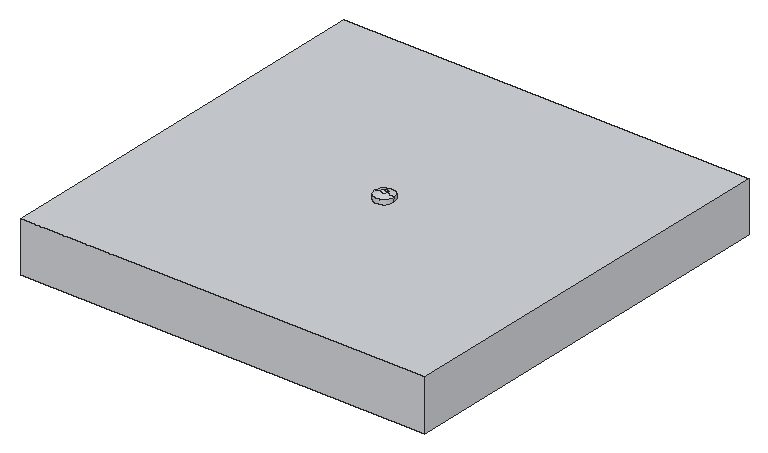
Revit family "M_Sensor de iluminação solar do forro - Voltagem normal", category Dispositivos de iluminação, Revit 2019
Family settings
  Hospedeiro = Face
  Manter orientação da anotação = Sim
  Cota do conector redondo = Utilizar diâmetro
  Tipo de parte = Interruptor
  Número OmniClass = 23.85.80.11.27
  Título OmniClass = Lighting Controls
  ID de item do Seek = Ceiling Daylighting Sensor - Regular Voltage-0000-CAN-ENU
  Corte com vazios quando carregada = Não
  Compartilhado = Não
  Ponto de cálculo do ambiente = Não
Parameters (values of type "277 V")
  Voltagem do sensor = 277 V
  Número de pólos do sensor = 1
  Classificação de carga = Outros
  Material da Lente = none
  Altura 1 = Altura do recobrimento / 3  # 12.667 mm
  Elevação-padrão = 1200 mm
  Raio do recobrimento = Diâmetro do recobrimento / 2  # 57 mm
  Material do recobrimento = none
  Altura do recobrimento = 38 mm
  Diâmetro do recobrimento = 114 mm
  Carga aparente = 0 VA
Types (3, lengths in mm): name | Voltagem do sensor
  (no name) | 277 V
  120 V | 120 V
  277 V | 277 V
Reference planes
  plane 1 "Centro (Frente/Trás)": y = 0
  plane 2: z = 0
  plane 3 "Centro (Esquerda/Direita)": x = 0
  plane 4: z = 38
  plane 5: z = 25.333
  plane 6: x = -19.05
  plane 7: x = -57
  plane 8: z = 44.35
  plane 9: y = 57
  plane 10: y = -57
  plane 11: x = 57
Forms (mm)
  Extrusion 1, solid
    sketch origin (0, 0, 0) x (1, 0, 0) y (0, 1, 0)
      loop
        line (-1219.2, 1219.2) -> (-1219.2, -1219.2) -> (1219.2, -1219.2) -> (1219.2, 1219.2) -> (-1219.2, 1219.2)
    from 0 to -304.8
  Revolve 2, solid, material <- "Material do recobrimento"
    sketch origin (0, 0, 0) x (1, 0, 0) y (0, 0, 1)
      loop
        line (-19.05, 38) -> (-57, 25.333) -> (-57, 0) -> (0, 0) -> (0, 38) -> (-19.05, 38)
      axis (0, 38) -> (0, 0)
    angle from 0 to 360
  Revolve 3, solid, material <- "Material da Lente"
    sketch origin (0, 0, 0) x (1, 0, 0) y (0, 0, 1)
      loop
        line (-19.05, 38) -> (0, 38) -> (0, 44.35)
        arc (0, 44.35) -> (-10.04, 42.721) -> (-19.05, 38) r 31.75
      axis (0, 44.35) -> (0, 38)
    angle from 0 to 360
Lines and regions (mm)
  symbolic lines, detail levels coarse+medium
    curve 1: line (0, 57, 0) -> (-57, 0, 0)
    curve 2: line (-57, 0, 0) -> (0, -57, 0)
    curve 3: line (0, -57, 0) -> (57, 0, 0)
    curve 4: line (57, 0, 0) -> (0, 57, 0)
  symbolic lines, detail levels fine
    curve 5: circle (0, 0, 0) r 57 normal (0, 0, 1)
    curve 6: circle (0, 0, 0) r 19.05 normal (0, 0, 1)
Dimensions and locks
  "Altura do recobrimento": plane 4 to plane 2
  "Altura 1": plane 4 to plane 5
  locked: plane 3 "Centro (Esquerda/Direita)" to plane 6 at 19.05
  "Raio do recobrimento": plane 3 "Centro (Esquerda/Direita)" to plane 7
  locked: plane 8 to plane 4 at 6.35
  "Raio do recobrimento": plane 9 to plane 1 "Centro (Frente/Trás)"
  "Raio do recobrimento": plane 10 to plane 1 "Centro (Frente/Trás)"
  "Raio do recobrimento": plane 3 "Centro (Esquerda/Direita)" to plane 11
  "Raio do recobrimento": radius of curve 5
  radius of curve 6 = 19.05 mm
  aligned and locked: plane 2 to Extrusion 1
  aligned and locked: level to Extrusion 1
  aligned and locked: plane 1 "Centro (Frente/Trás)" to nested 1
  aligned and locked: plane 3 "Centro (Esquerda/Direita)" to nested 1
  aligned and locked: plane 6 to Revolve 2 sketch curve
  aligned and locked: plane 3 "Centro (Esquerda/Direita)" to Revolve 2 sketch curve  (x2)
  aligned and locked: Revolve 2 sketch curve to plane 4
  aligned and locked: plane 7 to Revolve 2 sketch curve
  aligned and locked: Revolve 2 sketch curve to plane 2
  aligned and locked: plane 5 to Revolve 2 sketch curve
  aligned and locked: Revolve 2 sketch curve to plane 7
  aligned and locked: Revolve 2 sketch curve to plane 3 "Centro (Esquerda/Direita)"
  aligned and locked: plane 4 to Revolve 2 sketch curve
  aligned and locked: plane 2 to Revolve 2 sketch curve
  aligned and locked: plane 8 to Revolve 3 sketch curve
  aligned and locked: plane 4 to Revolve 3 sketch curve
  aligned and locked: Revolve 3 sketch curve to plane 3 "Centro (Esquerda/Direita)"  (x2)
  aligned and locked: plane 6 to Revolve 3 sketch curve
  aligned and locked: plane 3 "Centro (Esquerda/Direita)" to Revolve 3 sketch curve
  aligned and locked: Revolve 3 sketch curve to plane 4
  aligned and locked: plane 3 "Centro (Esquerda/Direita)" to curve 1
  aligned and locked: plane 1 "Centro (Frente/Trás)" to curve 2
  aligned and locked: plane 3 "Centro (Esquerda/Direita)" to curve 3
  aligned and locked: plane 1 "Centro (Frente/Trás)" to curve 4
  aligned and locked: plane 11 to curve 4
  aligned and locked: plane 1 "Centro (Frente/Trás)" to curve 5
  aligned and locked: plane 3 "Centro (Esquerda/Direita)" to curve 5
  aligned and locked: plane 1 "Centro (Frente/Trás)" to curve 6
  aligned and locked: plane 3 "Centro (Esquerda/Direita)" to curve 6
Automatic sketch dimensions
  Extrusion 1 sketch curve to Extrusion 1 sketch curve = 2438.4 mm  (x2)
  Revolve 2 sketch curve to Revolve 2 sketch curve = 30.701 mm
  Revolve 2 sketch curve to Revolve 2 sketch curve = 12.7 mm
  plane 8 to Revolve 3 sketch curve = 13.108 mm
  Revolve 3 sketch curve to Revolve 3 sketch curve = 4.077 mm
Nested families
  nested 1: "M_Anotação de legenda 3-32" at (0, 0, 0), type "Anotação de legenda 3-32", detail levels coarse+medium
Connectors
  electrical at (0, 0, 0), driven by "Carga aparente", driven by "Voltagem do sensor", driven by "Número de pólos do sensor", driven by "Classificação de carga"
    settings: on Revolve 2, index 1, voltage 277 V, apparent load 0 VA, apparent load phase1 0 VA, apparent load phase2 0 VA, apparent load phase3 0 VA, power factor 1, load classification "Outros", number of poles 1, system type 31, power factor state 1, is connector primary yes, connector utility no, sub classification motor no, connector description ""
  electrical at (0, 0, 38)
    settings: on Revolve 2, index 2, voltage 0 V, apparent load 0 VA, apparent load phase1 0 VA, apparent load phase2 0 VA, apparent load phase3 0 VA, power factor 1, load classification "Outros", number of poles 1, system type 13, power factor state 1, is connector primary no, connector utility no, sub classification motor no, connector description ""
Definition of nested family "M_Anotação de legenda 3-32"
  Parameters
    Legenda = "M"
  Reference planes
    plane 1: y = 0
    plane 2: x = 0
  Text (mm)
    label "Legenda" at (0.095, -0.088, 0), shows "Legenda"
